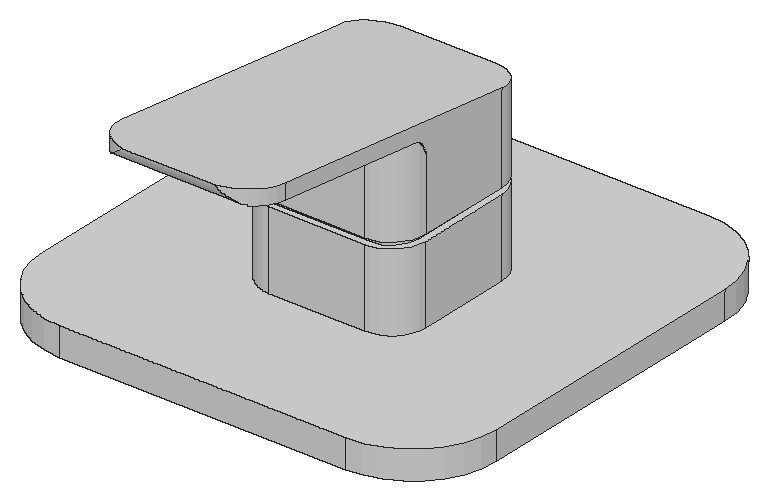
Revit family "Pressure_Balance_Valve_Trim-Lixil-Grohe_Cubeo_with_Cartridge_101928", category Plumbing Fixtures, host Face, Revit 2023
Family settings
  Host = Face
  Round Connector Dimension = Use Diameter
  Part Type = Normal
  OmniClass Number = 23.45.05.14.17
  OmniClass Title = Showers
  Enable Cutting in Views = No
  Cut with Voids When Loaded = No
  Maintain Annotation Orientation = No
  Shared = No
  Room Calculation Point = No
Parameters (values of type "Chrome")
  Waste Connection = 1 = 0  # no
  Warranty URL = "Contact Manufacturer for More Information"
  WFU = 0
  Version = "2023 v.1.0a"  # constant formula
  Vent Connection = 1 = 0  # no
  URL = "https://www.grohe.com/en/corporate/homepage.html"
  Type Comments = ""
  Support Phone = "224-699-9545"  # constant formula
  Support Email = "mailto:support@bimsmith.com"
  Product Page URL = "https://lixilpro.com/products/thermostats/thermostats-trim/Cubeo-Pressure-Balance-Valve-Trim-with-Cartridge/Chrome-(G00)-1019280000/"
  Product Name = "Cubeo Pressure Balance Valve Trim with Cartridge"  # constant formula
  Product Documentation Link = "https://lixil.cdn.celum.cloud/252848_101928_Cubeo_2way_diverter_trim_original.pdf"
  Model = "1019280000"
  Material = "Solid Brass Body Construction"  # constant formula
  Manufacturer Phone Number = "+1 (800) 444-7643"  # constant formula
  Manufacturer Email = "Contact Manufacturer for More Information"
  Manufacturer Address = "Contact Manufacturer for More Information"
  Manufacturer = "LIXIL"  # constant formula
  Keynote = "22 41 39"
  HWFU = 0
  HW Connection = 1 = 0  # no
  Flow Rate = 0 GPM
  Finish = Metal - Grohe - Chrome
  Description = "Pressure Balance Valves"  # constant formula
  Default Elevation = 0' - 0"  # constant formula
  Copyright = "©LIXIL® | All Rights Reserved"  # constant formula
  Collection = "Cubeo"  # constant formula
  CWFU = 0
  CW Connection = 1 = 0  # no
  Brand = "Grohe"  # constant formula
  Assembly Code = "D2010700"
Types (4): name | Model | Finish
  Chrome | "1019280000" | Metal - Grohe - Chrome
  Matte Black | "1019282430" | Metal - Grohe - Matte Black
  Brushed Nickel | "101928EN00" | Metal - Grohe - Brushed Nickel
  Brushed Cool Sunrise | "101928GN00" | Metal - Grohe - Brushed Cool Sunrise
Reference planes (in)
  plane 1 "Center (Front/Back)": y = 3.48817
  plane 2: z = 0
  plane 3 "Center (Left/Right)": x = 0
  plane 4: x = -0.725
  plane 5: x = -0.975
  plane 6: x = 1.375
  plane 7: x = -0.87734
  plane 8: x = 0.87734
Forms (in)
  Extrusion 1, solid, material "Metal - Grohe - Chrome" <- "Finish"
    sketch origin (0, 3.24573, 0) x (1, 0, 0) y (0, 1, 0)
      loop
        line (1.97266, 3.38595) -> (-1.97237, 3.38595)
        arc (-1.97237, 3.38595) -> (-2.7874, 3.04836) -> (-3.125, 2.23333) r 1.15263
        line (-3.125, 2.23333) -> (-3.125, -1.7117)
        arc (-3.125, -1.7117) -> (-2.78749, -2.52653) -> (-1.97266, -2.86405) r 1.15234
        line (-1.97266, -2.86405) -> (1.97266, -2.86405)
        arc (1.97266, -2.86405) -> (2.78749, -2.52653) -> (3.125, -1.7117) r 1.15234
        line (3.125, -1.7117) -> (3.125, 2.23361)
        arc (3.125, 2.23361) -> (2.78749, 3.04844) -> (1.97266, 3.38595) r 1.15234
    from 0 to 0.39143
  Extrusion 2, solid, material "Metal - Grohe - Chrome" <- "Finish"
    sketch origin (0, 3.24573, 1.75) x (1, 0, 0) y (0, 1, 0)
      loop
        arc (-0.65969, 1.34637) -> (-0.98871, 1.21008) -> (-1.125, 0.88105) r 0.46531
        line (-1.125, 0.88105) -> (-1.125, -2.84927)
        arc (-1.125, -2.84927) -> (-0.93851, -3.29949) -> (-0.48828, -3.48598) r 0.63672
        line (-0.48828, -3.48598) -> (0.48828, -3.48598)
        arc (0.48828, -3.48598) -> (0.93851, -3.29949) -> (1.125, -2.84927) r 0.63672
        line (1.125, -2.84927) -> (1.125, 0.88105)
        arc (1.125, 0.88105) -> (0.98871, 1.21008) -> (0.65969, 1.34637) r 0.46531
        line (0.65969, 1.34637) -> (-0.65969, 1.34637)
    from -0.31972 to 3.19293
  Extrusion 3, void
    sketch origin (0, -19.16317, -1.15545) x (0, 1, 0) y (0, 0, 1)
      loop
        line (23.75527, 2.69892) -> (23.75527, 3.86566) -> (18.94277, 4.46795)
        arc (18.94277, 4.46795) -> (19.02848, 4.307) -> (19.19319, 4.22875) r 0.29072
        line (19.19319, 4.22875) -> (21.84967, 3.89629)
        arc (21.84967, 3.89629) -> (21.94855, 3.76597) -> (21.98367, 3.6062) r 0.38103
        line (21.98367, 3.6062) -> (21.98367, 2.69892) -> (23.75527, 2.69892)
      loop
        line (23.90904, 6.46972) -> (18.65167, 6.46972) -> (18.65167, 2.51991) -> (23.90904, 2.51991) -> (23.90904, 6.46972)
    from -1.125 to 1.125
  Extrusion 4, solid, material "Metal - Grohe - Chrome" <- "Finish"
    sketch origin (0, 3.23981, 1.75) x (1, 0, 0) y (0, 1, 0)
      loop
        line (-1.125, -0.17414) -> (-1.125, -0.4324)
        arc (-1.125, -0.4324) -> (-0.98871, -0.76142) -> (-0.65969, -0.89771) r 0.46531
        line (-0.65969, -0.89771) -> (0.65969, -0.89771)
        arc (0.65969, -0.89771) -> (0.98871, -0.76142) -> (1.125, -0.4324) r 0.46531
        line (1.125, -0.4324) -> (1.125, -0.17414) -> (-1.125, -0.17414)
    from -0.20653 to 1.09479
  Extrusion 5, solid, material "Metal - Grohe - Chrome" <- "Finish"
    sketch origin (0, 0, 0) x (1, 0, 0) y (0, 1, 0)
      loop
        line (0.65969, 4.5921) -> (-0.65969, 4.5921)
        arc (-0.65969, 4.5921) -> (-0.98871, 4.45581) -> (-1.125, 4.12679) r 0.46531
        line (-1.125, 4.12679) -> (-1.125, 2.80741)
        arc (-1.125, 2.80741) -> (-0.98871, 2.47839) -> (-0.65969, 2.3421) r 0.46531
        line (-0.65969, 2.3421) -> (0.65969, 2.3421)
        arc (0.65969, 2.3421) -> (0.98871, 2.47839) -> (1.125, 2.80741) r 0.46531
        line (1.125, 2.80741) -> (1.125, 4.12679)
        arc (1.125, 4.12679) -> (0.98871, 4.45581) -> (0.65969, 4.5921) r 0.46531
    from 0.39143 to 1.45667
  Extrusion 6, solid, material "Metal - Grohe - Chrome" <- "Finish"
    sketch origin (0, 0, 0) x (1, 0, 0) y (0, 1, 0)
      loop
        line (0.65969, 4.49835) -> (-0.65969, 4.49835)
        arc (-0.65969, 4.49835) -> (-0.92242, 4.38952) -> (-1.03125, 4.12679) r 0.37156
        line (-1.03125, 4.12679) -> (-1.03125, 2.80741)
        arc (-1.03125, 2.80741) -> (-0.92242, 2.54468) -> (-0.65969, 2.43585) r 0.37156
        line (-0.65969, 2.43585) -> (0.65969, 2.43585)
        arc (0.65969, 2.43585) -> (0.92242, 2.54468) -> (1.03125, 2.80741) r 0.37156
        line (1.03125, 2.80741) -> (1.03125, 4.12679)
        arc (1.03125, 4.12679) -> (0.92242, 4.38952) -> (0.65969, 4.49835) r 0.37156
    from 1.45667 to 1.54347
Cuts and joins
  Extrusion 3 cuts Extrusion 2
  joined: Extrusion 2, Extrusion 4
Lines and regions (in)
  model lines, detail levels fine
    curve 1: line (-0.32989, 6.22544, 0.39143) -> (0.32989, 6.22544, 0.39143)
    curve 2: line (-0.32989, 5.97544, 0.39143) -> (-0.32989, 6.22544, 0.39143)
    curve 3: line (0.32989, 5.97544, 0.39143) -> (-0.32989, 5.97544, 0.39143)
    curve 4: line (0.32989, 6.22544, 0.39143) -> (0.32989, 5.97544, 0.39143)
Dimensions and locks (in)
  plane 5 to plane 4 = 0' - 0 1/4"
  plane 7 to plane 4 = 0' - 0 39/256"
  aligned and locked: plane 2 to host face
  aligned and locked: level to host face
